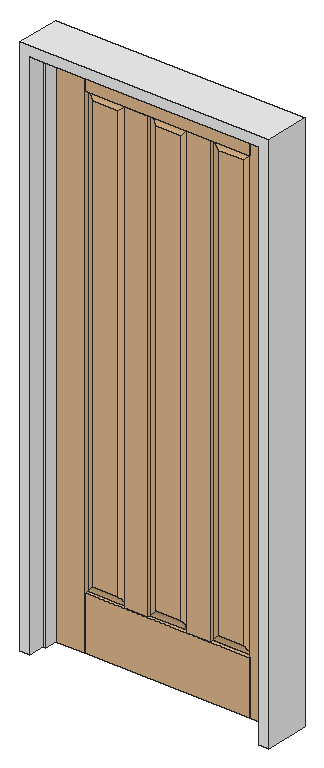
Revit family
Parameters (values of type "1 3/4" Raised Panel")
  URL = "http://www.karonadoor.com"
  Thickness Note = "Do not edit thickness."  # constant formula
  Thickness = 1.774"
  Swing Angle 2D = 90.00°
  SmartBIM Object Version = 1  # constant formula
  SmartBIM Object Created By = "Reed Construction Data"  # constant formula
  Rough Width = 0.000"
  Rough Height = 1.750"
  Panel = Panel_K3030_Karona : 1 3/4" - Raised Panel
  Model = "K3030 Square"  # constant formula
  Manufacturer = "Karona , Inc."  # constant formula
  Detail Door Thickness = 1.750"
  Assembly Code = ""
  Top Rail Height = 5.000"
  Top Rail = Wood, Cherry - Grain Horizontal
  Stile Width = 5.063"
  Stile = Wood, Cherry - Grain Vertical
  Sticking = Wood, Cherry - Grain Vertical
  Middle Rail = Wood, Cherry - Grain Horizontal
  Height = 84.000"
  Wall Closure = (empty or 0)
  Width = 36.000"
  Frame = Metal
  Bottom Rail Height = 8.500"
  Bottom Rail = Wood, Cherry - Grain Horizontal
  95 CSI = "08210"  # constant formula
  04 CSI = "08 14 33"  # constant formula
Types (9): name | Thickness | Rough Height | Panel | Detail Door Thickness | Top Rail
  1 3/4" Flat Panel | 1.774" | 1.750" | Panel_K3030_Karona : 1 3/4" - Flat Panel | 1.750" | Wood, Cherry - Grain Horizontal
  1 3/8" Flat Panel | 1.334" | 0.000" | Panel_K3030_Karona : 1 3/8" - Flat Panel | 1.375" | Wood, Cherry - Grain Vertical
  2 1/4" Flat Panel | 2.250" | 0.000" | Panel_K3030_Karona : 2 1/4" - Flat Panel | 2.250" | Wood, Cherry - Grain Horizontal
  1 3/4" Glass Panel | 1.774" | 1.750" | Panel_K3030_Karona : 1 3/4" - Glass Panel | 1.750" | Wood, Cherry - Grain Horizontal
  1 3/8" Glass Panel | 1.334" | 0.000" | Panel_K3030_Karona : 1 3/8" - Glass Panel | 1.375" | Wood, Cherry - Grain Vertical
  2 1/4" Glass Panel | 2.250" | 0.000" | Panel_K3030_Karona : 2 1/4" - Glass | 2.250" | Wood, Cherry - Grain Horizontal
  1 3/4" Raised Panel | 1.774" | 1.750" | Panel_K3030_Karona : 1 3/4" - Raised Panel | 1.750" | Wood, Cherry - Grain Horizontal
  1 3/8" Raised Panel | 1.334" | 0.000" | Panel_K3030_Karona : 1 3/8" - Raised Panel | 1.375" | Wood, Cherry - Grain Vertical
  2 1/4" Raised Panel | 2.250" | 0.000" | Panel_K3030_Karona : 2 1/4" - Raised Panel | 2.250" | Wood, Cherry - Grain Horizontal
Reference planes (in)
  plane 1 "Center (Front/Back)": y = 0
  plane 2 "Center (Left/Right)": x = 0
  plane 3 "Left": x = -18
  plane 4 "Right": x = 18
  plane 5 "Top": z = 84
  plane 6 "Exterior Edge of Frame": y = 3.5
  plane 7 "Interior Edge of Frame": y = -3.5
  plane 8: y = 1
  plane 9: y = -1
  plane 10 "Opening Left": x = -19.5
  plane 11 "Opening Right": x = 19.5
  plane 12 "Top of Opening": z = 85.5
  plane 13: x = -17.5
Forms (in)
  Sweep 1, solid, material "Metal" <- "Frame"
    path origin (0, 0, 0) x (1, 0, 0) y (0, 0, 1)
      loop
        line (-19.5, 0) -> (-19.5, 85.5) -> (19.5, 85.5) -> (19.5, 0)
    profile origin (-19.5, 0, 42.75) x (-1, 0, 0) y (0, -1, 0)
      loop
        line (0, -3.5) -> (0, 3.5) -> (-1.5, 3.5) -> (-1.5, 1) -> (-2, 1) -> (-2, -1) -> (-1.5, -1) -> (-1.5, -3.5) -> (0, -3.5)
Lines and regions (in)
  Opening 1
    outline origin (-90, -3, 0) x (1, 0, 0) y (0, 0, 1)
      loop
        line (70.5, 0) -> (109.5, 0) -> (109.5, 85.5) -> (70.5, 85.5) -> (70.5, 0)
  symbolic lines, style "Elevation Swing"
    curve 1: line (18, 3, 0) -> (-18, 3, 42)
    curve 2: line (-18, 3, 42) -> (18, 3, 84)
Text (in)
  text "Exterior" at (-46.13199, 20.20143, 0), in view "Ref. Level"
  text "Interior" at (-46.13199, -10.56751, 0), in view "Ref. Level"
  text "Exterior" at (0, 40.15149, 123.01588), in view "Right"
  text "Interior" at (0, -64.39139, 123.01588), in view "Right"
  text "Interior" at (0, -31.01599, 123.00693), in view "Left"
  text "Exterior" at (0, 54.57065, 123.00693), in view "Left"
Dimensions and locks (in)
  "Height": level to plane 5 "Top"
  "Width": plane 3 "Left" to plane 4 "Right"
  equal spacing: host wall, curve 2, plane 5 "Top"
  locked: host wall to plane 7 "Interior Edge of Frame" at 0.5
  locked: plane 6 "Exterior Edge of Frame" to host wall at 0.5
  locked: plane 9 to plane 7 "Interior Edge of Frame" at 2.5
  locked: plane 6 "Exterior Edge of Frame" to plane 8 at 2.5
  equal spacing: plane 3 "Left", plane 2 "Center (Left/Right)", plane 4 "Right"
  locked: plane 4 "Right" to plane 11 "Opening Right" at 1.5
  locked: plane 5 "Top" to plane 12 "Top of Opening" at 1.5
  locked: plane 3 "Left" to plane 13 at 0.5
  locked: plane 10 "Opening Left" to plane 3 "Left" at 1.5
  aligned and locked: Opening 1 sketch curve to level
  aligned and locked: plane 4 "Right" to curve 1
  aligned and locked: plane 3 "Left" to curve 1
  aligned and locked: plane 5 "Top" to curve 2
  aligned and locked: Opening 1 sketch curve to plane 11 "Opening Right"
  aligned and locked: plane 12 "Top of Opening" to Opening 1 sketch curve
  aligned and locked: Opening 1 sketch curve to plane 10 "Opening Left"
  aligned and locked: plane 10 "Opening Left" to Sweep 1 sketch curve
  aligned and locked: plane 12 "Top of Opening" to Sweep 1 sketch curve
  aligned and locked: plane 11 "Opening Right" to Sweep 1 sketch curve
  aligned and locked: level to Sweep 1 sketch curve  (x2)
  aligned and locked: Sweep 1 sketch curve to plane 10 "Opening Left"
  aligned and locked: Sweep 1 sketch curve to plane 6 "Exterior Edge of Frame"
  aligned and locked: Sweep 1 sketch curve to plane 7 "Interior Edge of Frame"
  aligned and locked: Sweep 1 sketch curve to plane 8
  aligned and locked: Sweep 1 sketch curve to plane 9
  aligned and locked: plane 13 to Sweep 1 sketch curve
  aligned and locked: plane 3 "Left" to Sweep 1 sketch curve  (x2)
  aligned and locked: nested 1 to plane 2 "Center (Left/Right)"
  aligned and locked: nested 1 to plane 8
  aligned and locked: nested 2 to plane 3 "Left"
  aligned and locked: nested 2 to plane 8
Automatic sketch dimensions
  curve 1 to level = 0.000"
  curve 2 to plane 4 "Right" = 0.000"
Nested families (in)
  nested 1: "Panel_K3030_Karona" at (-13.5, 0.6575, 0) x (-1, 0, 0) z (0, 0, 1), type <- "Panel", type "1 3/4" - Raised Panel"
  nested 2: "Door Panel Plan View" at (-31.5, 1, 0) x (-1, 0, 0) z (0, 0, 1), type "Door Panel Plan View"
    with Thickness 1.750", Height 84.000"
Definition of nested family "Panel_K3030_Karona"
  Parameters (values of type "2 1/4" - Raised Panel")
    Width = 36.000"
    Top Rail Material = Wood, Cherry - Grain Horizontal
    Top Rail Height = 10.000"
    Thickness Note = "Do not change door thickness"  # constant formula
    Thickness = 2.250"
    Stile Width = 8.000"
    Stile Material = Wood, Cherry - Grain Vertical
    Sticking Material = Wood, Cherry - Grain Vertical
    Panel Width = (Width - (2 * Stile Width) - (2 * Mullion Width)) / 3  # 4.250"
    Panel Height = Height - (Bottom Rail Height + Top Rail Height)  # 64.000"
    Panel = Glass-Sticking-Assembly-Square_Karona : Raised Panel
    Mullion Width = 3.625"  # constant formula
    Interior Panel = Wood, Cherry - Grain Vertical
    Height = 84.000"
    Half Panel Width = 0.5 * Panel Width  # 2.125"
    Exterior Edge - Glass Bottom Offset = if(Thickness = 1.774", 0.567", if(Thickness = 2.250", 0.803", 0.469"))  # 0.803"
    Door Panel Material = Wood, Cherry - Grain Vertical
    Default Elevation = 0.000"  # constant formula
    Bottom Rail Material = Wood, Cherry - Grain Horizontal
    Bottom Rail Height = 10.000"
    Assembly Code = ""
  Types (9): name | Top Rail Height | Thickness | Stile Width | Panel Width | Panel Height | Panel | Interior Panel | Half Panel Width | Exterior Edge - Glass Bottom Offset | Bottom Rail Height
    2 1/4" - Flat Panel | 5.000" | 2.250" | 5.063" | 6.208" | 70.500" | Glass-Sticking-Assembly-Square_Karona : Flat Panel | Wood, Cherry - Grain Vertical | 3.104" | 0.803" | 8.500"
    2 1/4" - Glass | 5.000" | 2.250" | 5.063" | 6.208" | 70.500" | Glass-Sticking-Assembly-Square_Karona : Glass Panel | Glass | 3.104" | 0.803" | 8.500"
    2 1/4" - Raised Panel | 10.000" | 2.250" | 8.000" | 4.250" | 64.000" | Glass-Sticking-Assembly-Square_Karona : Raised Panel | Wood, Cherry - Grain Vertical | 2.125" | 0.803" | 10.000"
    1 3/4" - Raised Panel | 5.000" | 1.774" | 5.063" | 6.208" | 70.500" | Glass-Sticking-Assembly-Square_Karona : Raised Panel | Wood, Cherry - Grain Vertical | 3.104" | 0.567" | 8.500"
    1 3/4" - Flat Panel | 5.000" | 1.774" | 5.063" | 6.208" | 70.500" | Glass-Sticking-Assembly-Square_Karona : Flat Panel | Wood, Cherry - Grain Vertical | 3.104" | 0.567" | 8.500"
    1 3/4" - Glass Panel | 5.000" | 1.774" | 5.063" | 6.208" | 70.500" | Glass-Sticking-Assembly-Square_Karona : Glass Panel | Glass | 3.104" | 0.567" | 8.500"
    1 3/8" - Raised Panel | 5.000" | 1.334" | 5.063" | 6.208" | 70.500" | Glass-Sticking-Assembly-Square_Karona : Raised Panel | Wood, Cherry - Grain Vertical | 3.104" | 0.469" | 8.500"
    1 3/8" - Glass Panel | 5.000" | 1.334" | 5.063" | 6.208" | 70.500" | Glass-Sticking-Assembly-Square_Karona : Glass Panel | Glass | 3.104" | 0.469" | 8.500"
    1 3/8" - Flat Panel | 5.000" | 1.334" | 5.063" | 6.208" | 70.500" | Glass-Sticking-Assembly-Square_Karona : Flat Panel | Wood, Cherry - Grain Horizontal | 3.104" | 0.469" | 8.500"
  Reference planes (in)
    plane 1 "Center (Front/Back)": y = 1.2315
    plane 2: z = 0
    plane 3 "Center (Left/Right)": x = -13.5
    plane 4 "Left": x = -31.5
    plane 5: x = 4.5
    plane 6 "Inner Left": x = -23.5
    plane 7 "Inner Right": x = -3.5
    plane 8: z = 10
    plane 9 "Bottom Of Top Rail": z = 74
    plane 10 "Top": z = 84
    plane 11 "Interior Edge of Door": y = 2.3565
    plane 12: z = 74
    plane 13 "Exterior Edge of Door": y = 0.1065
    plane 14 "Bottom of Glass": y = 0.9095
    plane 15 "Left Panel Vertical Midline": x = -21.375
    plane 16 "Right Panel Vertical Midline": x = -5.625
    plane 17 "Center of Left Vertical Mullion": x = -17.4375
    plane 18 "Center of Right Vertical Mullion": x = -9.5625
    plane 19: z = 42
  Forms (in)
    Extrusion 1, solid, material "Wood, Cherry - Grain Horizontal" <- "Bottom Rail Material"
      sketch origin (0, -101.3125, 0) x (1, 0, 0) y (0, 0, 1)
        loop
          line (-23.5, 0) -> (-3.5, 0) -> (-3.5, 10) -> (-23.5, 10) -> (-23.5, 0)
      from -103.669 to -101.419
    Extrusion 2, solid, material "Wood, Cherry - Grain Vertical" <- "Stile Material"
      sketch origin (0, 1.2315, 0) x (1, 0, 0) y (0, 0, 1)
        loop
          line (-31.5, 84) -> (-31.5, 0) -> (-23.5, 0) -> (-23.5, 84) -> (-31.5, 84)
        loop
          line (-3.5, 0) -> (4.5, 0) -> (4.5, 84) -> (-3.5, 84) -> (-3.5, 0)
      from -1.125 to 1.125
    Extrusion 3, solid, material "Wood, Cherry - Grain Horizontal" <- "Top Rail Material"
      sketch origin (0, 1.2315, 0) x (1, 0, 0) y (0, 0, 1)
        loop
          line (-23.5, 84) -> (-23.5, 74) -> (-3.5, 74) -> (-3.5, 84) -> (-23.5, 84)
      from -1.125 to 1.125
    Extrusion 4, solid, material "Wood, Cherry - Grain Vertical" <- "Stile Material"
      sketch origin (0, 1.2315, 0) x (1, 0, 0) y (0, 0, 1)
        loop
          line (-19.25, 10) -> (-15.625, 10) -> (-15.625, 74) -> (-19.25, 74) -> (-19.25, 10)
        loop
          line (-11.375, 10) -> (-7.75, 10) -> (-7.75, 74) -> (-11.375, 74) -> (-11.375, 10)
      from -1.125 to 1.125
  Text (in)
    text "EXTERIOR" at (-34.59289, -1.27941, 0), in view "Ref. Level"
    text "EXTERIOR" at (0, -9.65287, 72.76687), in view "Left"
    text "EXTERIOR" at (0, -33.33473, 96.68074), in view "Right"
  Dimensions and locks (in)
    equal spacing: plane 4 "Left", plane 3 "Center (Left/Right)", plane 5
    "Width": plane 4 "Left" to plane 5
    "Stile Width": plane 4 "Left" to plane 6 "Inner Left"
    "Stile Width": plane 5 to plane 7 "Inner Right"
    "Bottom Rail Height": plane 8 to plane 2
    "Top Rail Height": plane 10 "Top" to plane 9 "Bottom Of Top Rail"
    "Height": plane 10 "Top" to plane 2
    equal spacing: plane 11 "Interior Edge of Door", plane 1 "Center (Front/Back)", plane 13 "Exterior Edge of Door"
    "Thickness": plane 11 "Interior Edge of Door" to plane 13 "Exterior Edge of Door"
    "Exterior Edge - Glass Bottom Offset": plane 14 "Bottom of Glass" to plane 13 "Exterior Edge of Door"
    "Exterior Edge - Glass Bottom Offset": plane 13 "Exterior Edge of Door" to plane 14 "Bottom of Glass"
    "Half Panel Width": plane 15 "Left Panel Vertical Midline" to plane 6 "Inner Left"
    "Half Panel Width": plane 7 "Inner Right" to plane 16 "Right Panel Vertical Midline"
    equal spacing: plane 3 "Center (Left/Right)", plane 17 "Center of Left Vertical Mullion", plane 15 "Left Panel Vertical Midline"
    equal spacing: Extrusion 4 sketch curve, plane 17 "Center of Left Vertical Mullion", Extrusion 4 sketch curve
    locked: Extrusion 4 sketch curve to Extrusion 4 sketch curve at 3.625  (x2)
    equal spacing: plane 16 "Right Panel Vertical Midline", plane 18 "Center of Right Vertical Mullion", plane 3 "Center (Left/Right)"
    equal spacing: Extrusion 4 sketch curve, plane 18 "Center of Right Vertical Mullion", Extrusion 4 sketch curve
    equal spacing: plane 12, plane 19, plane 8
    aligned and locked: Extrusion 1 to plane 2
    aligned and locked: plane 11 "Interior Edge of Door" to Extrusion 1
    aligned and locked: plane 4 "Left" to Extrusion 2 sketch curve
    aligned and locked: Extrusion 2 sketch curve to plane 10 "Top"
    aligned and locked: Extrusion 2 sketch curve to Extrusion 1  (x3)
    aligned and locked: Extrusion 1 to Extrusion 2 sketch curve
    aligned and locked: plane 10 "Top" to Extrusion 2 sketch curve
    aligned and locked: plane 5 to Extrusion 2 sketch curve
    aligned and locked: plane 11 "Interior Edge of Door" to Extrusion 2
    aligned and locked: Extrusion 2 to Extrusion 3 sketch curve
    aligned and locked: Extrusion 3 sketch curve to Extrusion 2
    aligned and locked: plane 11 "Interior Edge of Door" to Extrusion 3
    aligned and locked: plane 12 to plane 9 "Bottom Of Top Rail"
    aligned and locked: level to plane 2
    aligned and locked: Extrusion 3 to plane 13 "Exterior Edge of Door"
    aligned and locked: Extrusion 3 to plane 11 "Interior Edge of Door"
    aligned and locked: Extrusion 2 to plane 13 "Exterior Edge of Door"
    aligned and locked: Extrusion 3 to plane 12
    aligned and locked: Extrusion 1 to Extrusion 2
    aligned and locked: nested 1 to plane 1 "Center (Front/Back)"
    aligned and locked: plane 3 "Center (Left/Right)" to nested 3
    aligned and locked: nested 3 to plane 1 "Center (Front/Back)"
    aligned and locked: nested 2 to plane 1 "Center (Front/Back)"
    aligned and locked: nested 2 to plane 16 "Right Panel Vertical Midline"
    aligned and locked: Extrusion 4 sketch curve to plane 12  (x2)
    aligned and locked: Extrusion 4 sketch curve to plane 8  (x2)
    aligned and locked: plane 11 "Interior Edge of Door" to Extrusion 4
    aligned and locked: Extrusion 4 to plane 13 "Exterior Edge of Door"
    aligned and locked: plane 15 "Left Panel Vertical Midline" to nested 1
    aligned and locked: plane 19 to nested 2
    aligned and locked: plane 19 to nested 3
    aligned and locked: plane 19 to nested 1
  Automatic sketch dimensions
    Extrusion 1 sketch curve to plane 6 "Inner Left" = 0.000"
    Extrusion 1 sketch curve to plane 7 "Inner Right" = 0.000"
    Extrusion 1 sketch curve to level = 0.000"
    Extrusion 1 sketch curve to plane 8 = 0.000"
    Extrusion 3 sketch curve to plane 7 "Inner Right" = 0.000"
    plane 9 "Bottom Of Top Rail" to Extrusion 3 sketch curve = 0.000"
  Nested families (in)
    nested 1: "Glass-Sticking-Assembly-Square_Karona" at (-21.84375, 1.38, 10), Width <- "Panel Width", Height <- "Panel Height", type <- "Panel", type "Raised Panel"
      with Width 4.250", Height 64.000", Door Thickness 2.250", C 0.439", B 0.803", A 0.433"
    nested 2: "Glass-Sticking-Assembly-Square_Karona" at (-6.09375, 1.38, 10), Width <- "Panel Width", Height <- "Panel Height", type <- "Panel", type "Raised Panel"
      with Width 4.250", Height 64.000", Door Thickness 2.250", C 0.439", B 0.803", A 0.433"
    nested 3: "Glass-Sticking-Assembly-Square_Karona" at (-13.96875, 1.38, 10), Width <- "Panel Width", Height <- "Panel Height", type <- "Panel", type "Raised Panel"
      with Width 4.250", Height 64.000", Door Thickness 2.250", C 0.439", B 0.803", A 0.433"
  Definition of nested family "Glass-Sticking-Assembly-Square_Karona"
    Parameters (values of type "Glass Panel")
      Width [instance] = 19.000"
      Stop Adjustment = if(and(not(Glass Panel), Door Thickness = 1.774"), 0.513", if(and(not(Glass Panel), Door Thickness = 2.250"), 0.513", if((Glass Panel), 0.125", 0.273")))  # 0.125"
      Profile = Wood, Cherry - Grain Vertical
      Height [instance] = 23.000"
      Raised Panel = no
      Interior Panel = Wood, Cherry - Grain Vertical
      Glass Panel = yes
      Door Thickness = 1.774"
      C = if(Glass Panel, 0.125", if(Door Thickness = 1.774", 0.200", if(Door Thickness = 2.250", 0.439", 0.191")))  # 0.125"
      B = if(Door Thickness = 1.774", 0.567", if(Door Thickness = 2.250", 0.803", 0.469"))  # 0.567"
      Assembly Code = ""
      A = if(Door Thickness = 1.774", 0.197", if(Door Thickness = 2.250", 0.433", 0.194"))  # 0.197"
    Types (3): name | Width | Stop Adjustment | Raised Panel | Glass Panel | C
      Glass Panel | 19.000" | 0.125" | no | yes | 0.125"
      Flat Panel | 4.500" | 0.513" | no | no | 0.200"
      Raised Panel | 4.000" | 0.513" | yes | no | 0.200"
    Reference planes (in)
      plane 1 "Stop Adjustment Edge": y = -0.3455
      plane 2: z = 0
      plane 3 "Center (Left/Right)": x = 0.46875
      plane 4 "Back": y = 0.7365
      plane 5 "Front": y = -1.0375
      plane 6 "Left": x = -9.03125
      plane 7 "Right": x = 9.96875
      plane 8 "Top": z = 23
      plane 9 "Center (Up/Down)": z = 11.5
      plane 10 "Bottom of Stop": y = -0.2205
      plane 11 "Bottom of Glass": y = -0.4705
      plane 12 "Right Edge of Glass": x = 10.35675
      plane 13 "Left Edge of Glass": x = -9.41925
      plane 14 "Top Edge of Glass": z = 23.34425
      plane 15 "Bottom Edge of Glass": z = -0.34425
      plane 16 "A": y = -0.8405
      plane 17 "C": y = 0.6115
      plane 18: z = 0.438
      plane 19: z = 22.562
      plane 20: x = -8.59325
      plane 21: x = 9.53075
      plane 22 "Center (Front/Back)": y = -0.1505
      plane 23: x = -9.46925
      plane 24: x = 10.40675
      plane 25: z = 23.438
      plane 26: z = -0.438
    Forms (in)
      Extrusion 1, solid, material "Wood, Cherry - Grain Vertical" <- "Interior Panel"
        sketch origin (0, 0, 0) x (1, 0, 0) y (0, 1, 0)
          loop
            line (-9.41925, -0.2205) -> (-9.41925, -0.4705) -> (10.35675, -0.4705) -> (10.35675, -0.2205) -> (-9.41925, -0.2205)
        from -0.34425 to 23.34425
      Extrusion 2, solid, material "Wood, Cherry - Grain Vertical" <- "Profile", visible <- "Raised Panel"
        sketch origin (0, 0, 0) x (1, 0, 0) y (0, 1, 0)
          loop
            line (9.96875, 0.6115) -> (-9.03125, 0.6115) -> (-9.03125, -0.2205) -> (9.96875, -0.2205) -> (9.96875, 0.6115)
          loop
            line (-9.03125, -0.4705) -> (-9.03125, -0.8405) -> (9.96875, -0.8405) -> (9.96875, -0.4705) -> (-9.03125, -0.4705)
        from 0 to 23
      Sweep 3, void
        path origin (0, -0.2205, 0) x (-1, 0, 0) y (0, 0, 1)
          loop
            line (9.46925, -0.438) -> (9.46925, 23.438) -> (-10.40675, 23.438) -> (-10.40675, -0.438) -> (9.46925, -0.438)
        profile "Profile : 05" origin (-9.46925, -0.2205, 11.5) x (1, 0, 0) y (0, 1, 0)
          loop
            line (0, 0.05) -> (0.36169, 0.05096)
            arc (0.36169, 0.05096) -> (1.01257, 0.13642) -> (1.61934, 0.387) r 2.52143
            line (1.61934, 0.387) -> (0, 0.387) -> (0, 0.05)
      Sweep 4, void
        path origin (0, -0.4705, 0) x (-1, 0, 0) y (0, 0, 1)
          loop
            line (-10.40675, 23.438) -> (-10.40675, -0.438) -> (9.46925, -0.438) -> (9.46925, 23.438) -> (-10.40675, 23.438)
        profile "Profile : 05" origin (10.40675, -0.4705, 11.5) x (-1, 0, 0) y (0, 1, 0)
          loop
            line (0, -0.05) -> (0, -0.387) -> (1.61934, -0.387)
            arc (1.61934, -0.387) -> (1.01257, -0.13642) -> (0.36169, -0.05096) r 2.52143
            line (0.36169, -0.05096) -> (0, -0.05)
    Cuts and joins
      Sweep 3, Sweep 4 cuts Extrusion 2
    Text (in)
      text "INTERIOR" at (-14.3788, 3.49864, 0), in view "Ref. Level"
    Dimensions and locks (in)
      equal spacing: plane 6 "Left", plane 3 "Center (Left/Right)", plane 7 "Right"
      "Width": plane 6 "Left" to plane 7 "Right"
      "Door Thickness": plane 4 "Back" to plane 5 "Front"
      "Height": plane 8 "Top" to plane 2
      equal spacing: plane 8 "Top", plane 9 "Center (Up/Down)", level
      locked: plane 1 "Stop Adjustment Edge" to plane 11 "Bottom of Glass" at 0.125
      "Stop Adjustment": plane 10 "Bottom of Stop" to plane 1 "Stop Adjustment Edge"
      locked: plane 7 "Right" to plane 12 "Right Edge of Glass" at 0.388
      locked: plane 14 "Top Edge of Glass" to plane 8 "Top" at 0.34425
      locked: level to plane 15 "Bottom Edge of Glass" at 0.34425
      locked: plane 13 "Left Edge of Glass" to plane 6 "Left" at 0.388
      "B": plane 5 "Front" to plane 11 "Bottom of Glass"
      "A": plane 5 "Front" to plane 16 "A"
      "C": plane 17 "C" to plane 4 "Back"
      locked: plane 18 to level at 0.438
      locked: plane 8 "Top" to plane 19 at 0.438
      locked: plane 6 "Left" to plane 20 at 0.438
      locked: plane 21 to plane 7 "Right" at 0.438
      equal spacing: plane 4 "Back", plane 22 "Center (Front/Back)", plane 5 "Front"
      locked: plane 23 to plane 13 "Left Edge of Glass" at 0.05
      locked: plane 12 "Right Edge of Glass" to plane 24 at 0.05
      locked: plane 25 to plane 14 "Top Edge of Glass" at 0.09375
      locked: plane 15 "Bottom Edge of Glass" to plane 26 at 0.09375
      aligned and locked: Extrusion 1 sketch curve to plane 13 "Left Edge of Glass"
      aligned and locked: Extrusion 1 sketch curve to plane 10 "Bottom of Stop"
      aligned and locked: Extrusion 1 sketch curve to plane 11 "Bottom of Glass"
      aligned and locked: Extrusion 1 sketch curve to plane 12 "Right Edge of Glass"
      aligned and locked: plane 14 "Top Edge of Glass" to Extrusion 1
      aligned and locked: Extrusion 1 to plane 15 "Bottom Edge of Glass"
      aligned and locked: Extrusion 2 sketch curve to plane 17 "C"
      aligned and locked: Extrusion 2 sketch curve to plane 10 "Bottom of Stop"
      aligned and locked: Extrusion 2 sketch curve to plane 11 "Bottom of Glass"
      aligned and locked: Extrusion 2 sketch curve to plane 16 "A"
      aligned and locked: plane 25 to Sweep 4 sketch curve
      aligned and locked: Sweep 4 sketch curve to plane 23
      aligned and locked: plane 24 to Sweep 4 sketch curve
      aligned and locked: Sweep 4 sketch curve to plane 26
      aligned and locked: plane 25 to Sweep 3 sketch curve
      aligned and locked: plane 24 to Sweep 3 sketch curve
      aligned and locked: Sweep 3 sketch curve to plane 23
      aligned and locked: Sweep 3 sketch curve to plane 26
      aligned and locked: plane 6 "Left" to Extrusion 2 sketch curve  (x2)
      aligned and locked: plane 7 "Right" to Extrusion 2 sketch curve  (x2)
      aligned and locked: plane 8 "Top" to Extrusion 2
      aligned and locked: Extrusion 2 to level
Definition of nested family "Door Panel Plan View"
  Parameters (values of type "Door Panel Plan View")
    Width = 36.000"
    Thickness = 2.000"
    Swing Angle 2D = 90.00°
    Height = 0.000"
    Assembly Code = ""
  Reference planes (in)
    plane 1 "Center (Front/Back)": y = 0
    plane 2: z = 0
    plane 3 "Center (Left/Right)": x = -13.5
  Lines and regions (in)
    symbolic lines, style "DoorsPanelProjection"
      curve 1: line (-13.5, 0, 0) -> (-13.5, 36, 0)
      curve 2: line (-15.5, 0, 0) -> (-15.5, 36, 0)
      curve 3: line (-13.5, 0, 0) -> (-15.5, 0, 0)
      curve 4: line (-13.5, 36, 0) -> (-15.5, 36, 0)
    symbolic lines, style "Plan Swing"
      curve 5: arc (-13.5, 36, 0) -> (-38.95584, 25.45584, 0) -> (-49.5, 0, 0) r 36
  Dimensions and locks (in)
    "Width": curve 4 to curve 3
    "Thickness": curve 1 to curve 2
    "Swing Angle 2D": angle curve 1 to plane 1 "Center (Front/Back)"
    aligned and locked: plane 1 "Center (Front/Back)" to curve 5
  Automatic sketch dimensions
    curve 3 to plane 1 "Center (Front/Back)" = 0.000"
    curve 5 to plane 3 "Center (Left/Right)" = 0.000"
    curve 3 to plane 3 "Center (Left/Right)" = 0.000"
